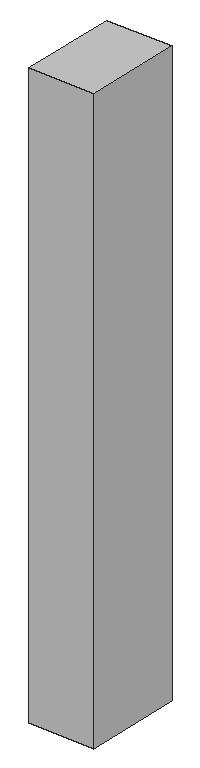
Revit family "Concrete-Rectangular-Column", category Structural Columns, Revit 2018
Family settings
  Display in Hidden Views = Edges Hidden by Other Members
  Section Shape = Not Defined
  Material for Model Behavior = Concrete
  Always export as geometry = No
  Beam cutback in plan = From bounding box
  OmniClass Number = 23.25.30.11.14.11
  OmniClass Title = Columns
  Cut with Voids When Loaded = No
  Symbolic Representation = From Family
  Shared = No
  Show family pre-cut in plan views = Yes
Parameters (values of type "12 x 18")
  Structural Material [instance] = Concrete, Cast-in-Place gray
  Assembly Code = "B10"
  b = 1' - 0"
  h = 1' - 6"
Types (4): name | b | h
  (no name) | 1' - 0" | 1' - 6"
  12 x 18 | 1' - 0" | 1' - 6"
  18 x 24 | 1' - 6" | 2' - 0"
  24 x 30 | 2' - 0" | 2' - 6"
Reference planes (in)
  plane 1 "Center (Front/Back)": y = 0
  plane 2: z = 0
  plane 3 "Center (Left/Right)": x = 0
  plane 4: x = -6
  plane 5: x = 6
  plane 6: y = 9
  plane 7: y = -9
Forms (in)
  Extrusion 1, solid, material "Concrete, Cast-in-Place gray" <- "Structural Material"
    sketch origin (0, 0, 0) x (1, 0, 0) y (0, 1, 0)
      loop
        line (-6, 9) -> (-6, -9) -> (6, -9) -> (6, 9) -> (-6, 9)
    from 0 to 108
Dimensions and locks (in)
  equal spacing: plane 4, plane 3 "Center (Left/Right)", plane 5
  equal spacing: plane 7, plane 1 "Center (Front/Back)", plane 6
  "h": plane 7 to plane 6
  "b": plane 4 to plane 5
  aligned and locked: plane 6 to Extrusion 1 sketch curve
  aligned and locked: Extrusion 1 sketch curve to plane 7
  aligned and locked: Extrusion 1 sketch curve to plane 4
  aligned and locked: plane 5 to Extrusion 1 sketch curve
  aligned and locked: level to Extrusion 1
  aligned and locked: level to plane 2
  aligned and locked: Extrusion 1 to plane 2
